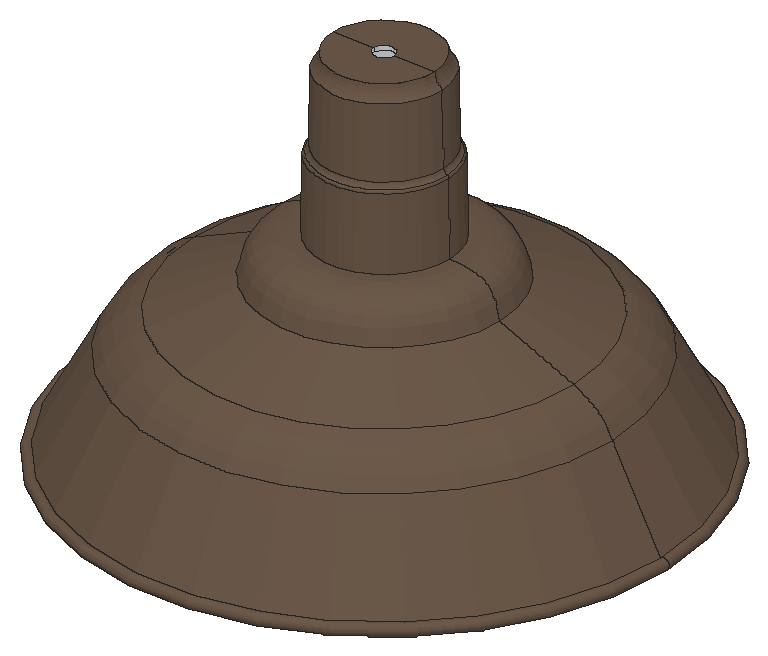
Revit family "W514 SHADE", category Lighting Fixtures, Revit 2024
Family settings
  Round Connector Dimension = Use Diameter
  Part Type = Normal
  OmniClass Number = 23.80.70.00
  OmniClass Title = Lighting
  Work Plane-Based = No
  Always vertical = Yes
  Cut with Voids When Loaded = No
  Light Source = Yes
  Maintain Annotation Orientation = No
  Shared = No
  Room Calculation Point = No
Parameters
  Wattage = 12.1178 W
  built-in parameter 1150110 = 1 (stored number, unit not read)
  built-in parameter 1114217 = 1 (stored number, unit not read)
  built-in parameter 1150109 = 1 (stored number, unit not read)
  built-in parameter 1150134 = (empty or 0)
  built-in parameter 1150113 = 1 (stored number, unit not read)
  Lumens = 1800 lm
  built-in parameter 1150115 = 1 (stored number, unit not read)
  built-in parameter 1150105 = 572.96 (stored number, unit not read)
  Light Source Symbol Size = 2' - 0"
  built-in parameter 1150137 = (empty or 0)
  built-in parameter 1150139 = (empty or 0)
  built-in parameter 1150112 = 1 (stored number, unit not read)
  built-in parameter 1150114 = 1 (stored number, unit not read)
  built-in parameter 1150132 = 2
  built-in parameter 1150102 = (empty or 0)
  built-in parameter 1150138 = (empty or 0)
  built-in parameter 1150107 = 3000 (stored number, unit not read)
  built-in parameter 1150106 = 5.7296 (stored number, unit not read)
  built-in parameter 1150104 = 13.8 (stored number, unit not read)
  Dimming Lamp Color Temperature Shift = (empty or 0)
  Default Elevation = 0' - 0"
  Color Filter = 16777215
  built-in parameter 1114218 = 1 (stored number, unit not read)
  built-in parameter 1150133 = 10 (stored number, unit not read)
Reference planes (in)
  plane 1 "Light Source Axis (F/B)": y = 0
  plane 2: z = 0
  plane 3 "Light Source Axis (L/R)": x = 0
  plane 4 "Light Source Elevation": z = 84
Forms (in)
  Revolve 1, solid
    sketch origin (0, 0, 0) x (1, 0, 0) y (0, 0, 1)
      loop
        line (-0.25, 93) -> (-1.25, 93)
        arc (-1.25, 93) -> (-1.30282, 92.80766) -> (-1.425, 92.65) r 0.51308
        line (-1.425, 92.65) -> (-1.45458, 90.95536)
        arc (-1.45458, 90.95536) -> (-1.47811, 90.87433) -> (-1.5394, 90.81632) r 0.16101
        arc (-1.5394, 90.81632) -> (-1.56727, 90.78994) -> (-1.57797, 90.75309) r 0.07323
        line (-1.57797, 90.75309) -> (-1.60857, 88.99995)
        spline (-1.60857, 88.99995) -> (-1.82597, 89.00682) -> (-2.00586, 88.99039) -> (-2.15443, 88.95759) -> (-2.27788, 88.91536) -> (-2.38198, 88.86901) -> (-2.47064, 88.81664) -> (-2.54725, 88.7543) -> (-2.6152, 88.67806) -> (-2.67771, 88.58331) -> (-2.73675, 88.46022) -> (-2.79372, 88.29653) -> (-2.85, 88.08)
        line (-2.85, 88.08) -> (-4.66079, 87.29867)
        arc (-4.66079, 87.29867) -> (-5.21787, 86.93847) -> (-5.62648, 86.41586) r 2
        line (-5.62648, 86.41586) -> (-6.8012, 84.25)
        arc (-6.8012, 84.25) -> (-7, 84.125) -> (-6.8012, 84) r 0.1387
        line (-6.8012, 84) -> (-5.54407, 86.37116)
        arc (-5.54407, 86.37116) -> (-5.15461, 86.86927) -> (-4.62364, 87.21259) r 1.90625
        line (-4.62364, 87.21259) -> (-2.76891, 88.01288)
        spline (-2.76891, 88.01288) -> (-2.71575, 88.23575) -> (-2.6621, 88.39861) -> (-2.60748, 88.51568) -> (-2.55052, 88.6029) -> (-2.48923, 88.67128) -> (-2.41939, 88.72697) -> (-2.33399, 88.77639) -> (-2.22782, 88.82334) -> (-2.10077, 88.86544) -> (-1.94598, 88.89634) -> (-1.7541, 88.90897) -> (-1.51663, 88.8955)
        line (-1.51663, 88.8955) -> (-1.48444, 90.73975)
        arc (-1.48444, 90.73975) -> (-1.39496, 90.83075) -> (-1.36084, 90.95373) r 0.25476
        line (-1.36084, 90.95373) -> (-1.33196, 92.60871)
        arc (-1.33196, 92.60871) -> (-1.22936, 92.74588) -> (-1.16918, 92.90625) r 0.60683
        line (-1.16918, 92.90625) -> (-0.25, 92.90625) -> (-0.25, 93)
      axis (0, 84) -> (0, 93)
    angle from 0 to 360
Dimensions and locks (in)
  aligned and locked: plane 3 "Light Source Axis (L/R)" to imposter light
  aligned and locked: plane 1 "Light Source Axis (F/B)" to imposter light
  aligned and locked: plane 4 "Light Source Elevation" to imposter light
  aligned and locked: level to plane 2
